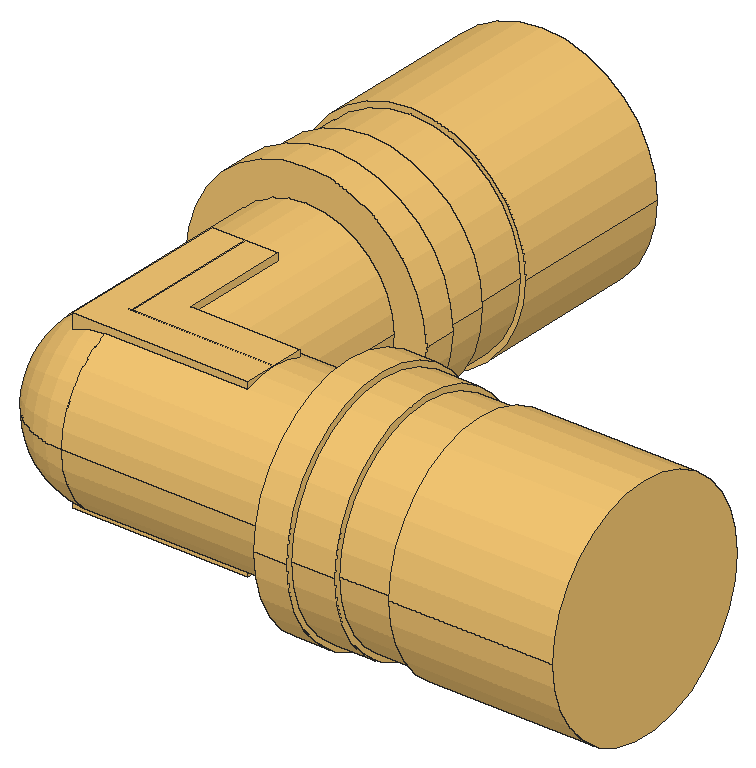
Revit family "VTm.451.BG", category Соединительные детали трубопроводов, Revit 2019
Family settings
  Размер круглого соединителя = Использовать диаметр
  Тип детали = Отвод
  На основе рабочей плоскости = Нет
  Всегда вертикально = Да
  При загрузке вырезать с полостями = Нет
  Общий = Нет
Parameters
  Таблица = "VTm.451.BG"  # constant formula
  Описание = "Фитинг аксиальный универсальный – угольник надвижной"  # constant formula
  Изготовитель = "VALTEC"  # constant formula
  Группа модели = "Аксиальные фитинги универсальные"  # constant formula
  msg [instance] = size_lookup(Таблица, "msg", 0 mm, Du1, Du2)  # 50 mm
  msf [instance] = size_lookup(Таблица, "msf", 0 mm, Du1, Du2)  # 71 mm
  h2 [instance] = size_lookup(Таблица, "h2", 0 mm, Du1, Du2)  # 13 mm
  h1 [instance] = size_lookup(Таблица, "h1", 0 mm, Du1, Du2)  # 6 mm
  g2 [instance] = dn + 1 mm  # 22 mm
  g1 [instance] = dn - 1 mm  # 20 mm
  dn [instance] = size_lookup(Таблица, "dn", 0 mm, Du1, Du2)  # 21 mm
  d [instance] = size_lookup(Таблица, "d", 0 mm, Du1, Du2)  # 16 mm
  a [instance] = size_lookup(Таблица, "a", 0 mm, Du1, Du2)  # 3 mm
  L2 [instance] = size_lookup(Таблица, "L2", 0 mm, Du1, Du2)  # 24 mm
  L1 [instance] = size_lookup(Таблица, "L1", 0 mm, Du1, Du2)  # 20 mm
  Du2 [instance] = Du1  # 16 mm
  Du1 [instance] = 16 mm
  ADSK_Обозначение [instance] = "VTm.451.BG"  # constant formula
  ADSK_Наименование [instance] = size_lookup(Таблица, "", "Данный типоразмер отсутствует", Du1, Du2)  # "Фитинг аксиальный универсальный – угольник надвижной 16 (2,2) мм x 16 (2,2) мм"
  ADSK_Материал [instance] = Латунь -CW614N
  ADSK_Масса_фитинга [instance] = msf / 1000 mm  # 0.071
  ADSK_Масса_гильзы [instance] = msg / 1000 mm  # 0.05
  ADSK_Код изделия - фитинг [instance] = size_lookup(Таблица, "Код продукта", "Данный типоразмер отсутствует", Du1, Du2)  # "VTm.451.BG.001616"
  ADSK_Код изделия - гильза [instance] = size_lookup(Таблица, "Код гильза", "Данный типоразмер отсутствует", Du1, Du2)  # "VTm.400.BG.001622-VTm.400.BG.001622"
  ADSK_Завод-изготовитель [instance] = Изготовитель  # "VALTEC"
  ADSK_Единица измерения [instance] = "шт."  # constant formula
  ADSK_URL страницы изделия [instance] = "https://valtec.ru/catalog/sistemy_metallopolimernyh_i_polimernyh_truboprovodov/aksialnye_fitingi_universalnye/fiting_aksialnyj_universalnyj_ugolnik_nadvijnoj.html"
  ADSK_URL документации изделия [instance] = "https://valtec.ru/document/technical/VTm.400.BG-0321.pdf"
Reference planes
  plane 1 "По центру (Вперед/Назад)": y = 0
  plane 2: z = 0
  plane 3 "По центру (Влево/Вправо)": x = 0
  plane 4: y = 8
  plane 5: y = -8
  plane 6: x = 20
  plane 7: y = 20
  plane 8: x = 23
  plane 9: x = 27
  plane 10: x = 32
  plane 11: x = 47
  plane 12: y = 23
  plane 13: y = 27
  plane 14: y = 32
  plane 15: y = 47
  plane 16: y = 13
  plane 17: x = 13
  plane 18: y = -3
  plane 19: y = 3
  plane 20: x = 3
  plane 21: x = -3
  plane 22: z = 8
  plane 23: z = -8
Forms (mm)
  Revolve 1, solid, material "Латунь -CW614N" <- "ADSK_Материал", detail levels fine
    sketch origin (0, 0, 0) x (1, 0, 0) y (0, 1, 0)
      loop
        arc (-8, 0) -> (-5.657, -5.657) -> (0, -8) r 8
        line (0, -8) -> (20, -8) -> (20, 0) -> (-8, 0)
      axis (20, 0) -> (-8, 0)
    angle from 0 to 360
  Extrusion 2, solid, material "Латунь -CW614N" <- "ADSK_Материал", detail levels fine
    sketch origin (0, 0, 0) x (1, 0, 0) y (0, 0, 1)
      loop
        circle (0, 0) r 8
    from -20 to 0
  Extrusion 3, solid, material "Латунь -CW614N" <- "ADSK_Материал", detail levels fine
    sketch origin (0, 0, 0) x (0, 1, 0) y (0, 0, 1)
      loop
        circle (0, 0) r 11
    from 20 to 23
  Extrusion 4, solid, material "Латунь -CW614N" <- "ADSK_Материал", detail levels fine
    sketch origin (0, 0, 0) x (0, 1, 0) y (0, 0, 1)
      loop
        circle (0, 0) r 10.5
    from 23 to 27
  Extrusion 5, solid, material "Латунь -CW614N" <- "ADSK_Материал", detail levels fine
    sketch origin (0, 0, 0) x (0, 1, 0) y (0, 0, 1)
      loop
        circle (0, 0) r 10
    from 27 to 32
  Extrusion 6, solid, material "Латунь -CW614N" <- "ADSK_Материал", detail levels fine
    sketch origin (0, 0, 0) x (0, 1, 0) y (0, 0, 1)
      loop
        circle (0, 0) r 10.5
    from 32 to 47
  Extrusion 7, solid, material "Латунь -CW614N" <- "ADSK_Материал", detail levels fine
    sketch origin (0, 0, 0) x (1, 0, 0) y (0, 0, 1)
      loop
        circle (0, 0) r 11
    from -23 to -20
  Extrusion 8, solid, material "Латунь -CW614N" <- "ADSK_Материал", detail levels fine
    sketch origin (0, 0, 0) x (1, 0, 0) y (0, 0, 1)
      loop
        circle (0, 0) r 10.5
    from -27 to -23
  Extrusion 9, solid, material "Латунь -CW614N" <- "ADSK_Материал", detail levels fine
    sketch origin (0, 0, 0) x (1, 0, 0) y (0, 0, 1)
      loop
        circle (0, 0) r 10
    from -32 to -27
  Extrusion 10, solid, material "Латунь -CW614N" <- "ADSK_Материал", detail levels fine
    sketch origin (0, 0, 0) x (1, 0, 0) y (0, 0, 1)
      loop
        circle (0, 0) r 10.5
    from -47 to -32
  Extrusion 11, solid, material "Латунь -CW614N" <- "ADSK_Материал", detail levels fine
    sketch origin (0, 0, 0) x (1, 0, 0) y (0, 1, 0)
      loop
        line (-3, 13) -> (-3, -3) -> (13, -3) -> (13, 3) -> (3, 3) -> (3, 13) -> (-3, 13)
    from -8 to 8
Dimensions and locks
  equal spacing: plane 5, plane 1 "По центру (Вперед/Назад)", plane 4
  "d": plane 5 to plane 4
  "L1": plane 3 "По центру (Влево/Вправо)" to plane 6
  "L1": plane 7 to plane 1 "По центру (Вперед/Назад)"
  "a": plane 6 to plane 8
  "L2": plane 8 to plane 11
  locked: plane 8 to plane 9 at 4
  locked: plane 9 to plane 10 at 5
  "a": plane 12 to plane 7
  locked: plane 13 to plane 12 at 4
  locked: plane 14 to plane 13 at 5
  "L2": plane 15 to plane 12
  equal spacing: plane 21, plane 3 "По центру (Влево/Вправо)", plane 20
  "h1": plane 21 to plane 20
  equal spacing: plane 19, plane 1 "По центру (Вперед/Назад)", plane 18
  "h1": plane 19 to plane 18
  "h2": plane 3 "По центру (Влево/Вправо)" to plane 17
  "h2": plane 16 to plane 1 "По центру (Вперед/Назад)"
  equal spacing: plane 22, level, plane 23
  "d": plane 22 to plane 23
  "d": diameter of Extrusion 2 sketch curve
  "g2": diameter of Extrusion 3 sketch curve
  "dn": diameter of Extrusion 4 sketch curve
  "g1": diameter of Extrusion 5 sketch curve
  "dn": diameter of Extrusion 6 sketch curve
  "g2": diameter of Extrusion 7 sketch curve
  "dn": diameter of Extrusion 8 sketch curve
  "g1": diameter of Extrusion 9 sketch curve
  "dn": diameter of Extrusion 10 sketch curve
  "d": diameter of Revolve 1 sketch curve
  aligned and locked: level to plane 2
  aligned and locked: Revolve 1 sketch curve to plane 1 "По центру (Вперед/Назад)"
  aligned and locked: plane 6 to Revolve 1 sketch curve
  aligned and locked: plane 5 to Revolve 1 sketch curve
  aligned and locked: plane 3 "По центру (Влево/Вправо)" to Extrusion 2 sketch curve
  aligned and locked: level to Extrusion 2 sketch curve
  aligned and locked: plane 1 "По центру (Вперед/Назад)" to Extrusion 2
  aligned and locked: plane 7 to Extrusion 2
  aligned and locked: plane 1 "По центру (Вперед/Назад)" to Extrusion 3 sketch curve
  aligned and locked: level to Extrusion 3 sketch curve
  aligned and locked: Extrusion 3 to plane 6
  aligned and locked: plane 8 to Extrusion 3
  aligned and locked: plane 1 "По центру (Вперед/Назад)" to Extrusion 4 sketch curve
  aligned and locked: level to Extrusion 4 sketch curve
  aligned and locked: Extrusion 4 to Extrusion 3
  aligned and locked: plane 9 to Extrusion 4
  aligned and locked: plane 1 "По центру (Вперед/Назад)" to Extrusion 5 sketch curve
  aligned and locked: level to Extrusion 5 sketch curve
  aligned and locked: Extrusion 5 to plane 9
  aligned and locked: plane 10 to Extrusion 5
  aligned and locked: plane 1 "По центру (Вперед/Назад)" to Extrusion 6 sketch curve
  aligned and locked: level to Extrusion 6 sketch curve
  aligned and locked: Extrusion 6 to plane 10
  aligned and locked: plane 11 to Extrusion 6
  aligned and locked: plane 3 "По центру (Влево/Вправо)" to Extrusion 7 sketch curve
  aligned and locked: level to Extrusion 7 sketch curve
  aligned and locked: plane 12 to Extrusion 7
  aligned and locked: Extrusion 7 to Extrusion 2
  aligned and locked: plane 3 "По центру (Влево/Вправо)" to Extrusion 8 sketch curve
  aligned and locked: level to Extrusion 8 sketch curve
  aligned and locked: plane 13 to Extrusion 8
  aligned and locked: Extrusion 8 to plane 12
  aligned and locked: plane 3 "По центру (Влево/Вправо)" to Extrusion 9 sketch curve
  aligned and locked: level to Extrusion 9 sketch curve
  aligned and locked: plane 14 to Extrusion 9
  aligned and locked: Extrusion 9 to plane 13
  aligned and locked: plane 3 "По центру (Влево/Вправо)" to Extrusion 10 sketch curve
  aligned and locked: level to Extrusion 10 sketch curve
  aligned and locked: plane 15 to Extrusion 10
  aligned and locked: Extrusion 10 to plane 14
  aligned and locked: Extrusion 11 sketch curve to plane 16
  aligned and locked: Extrusion 11 sketch curve to plane 21
  aligned and locked: Extrusion 11 sketch curve to plane 20
  aligned and locked: Extrusion 11 sketch curve to plane 19
  aligned and locked: Extrusion 11 sketch curve to plane 17
  aligned and locked: Extrusion 11 sketch curve to plane 18
  aligned and locked: plane 22 to Extrusion 11
  aligned and locked: plane 1 "По центру (Вперед/Назад)" to nested 1
  aligned and locked: plane 3 "По центру (Влево/Вправо)" to nested 1
Automatic sketch dimensions
  Revolve 1 sketch curve to plane 3 "По центру (Влево/Вправо)" = 0 mm
  Revolve 1 sketch curve to Revolve 1 sketch curve = 1994.831 mm
  plane 11 to Revolve 1 sketch curve = 1922.796 mm
Nested families
  nested 1: "условный вид_4" at (0, 0, 0), type "условный вид_4", detail levels coarse+medium
Connectors
  piping at (23, 0, 0), diameter 16, driven by "Du1"
    settings: on Extrusion 3, index 1, connector inside diameter 609.6 mm, connector length 0 mm, flow factor 0, pipe flow 0.0 L/s, pressure drop 0.0 Pa, fitting loss kfactor 0, connector angle 0.00°, fixture units 0, engagement length 0 mm, angle of deflection 0.00°, flow configuration 0, flow direction 0, fitting loss method 0, system type 7, joint type 0, gender type 0, connector reference index -1, connector utility 0, adjustable connector no, is connector primary yes, connector description ""
  piping at (0, 23, 0), diameter 16, driven by "Du2"
    settings: on Extrusion 7, index 2, connector inside diameter 609.6 mm, connector length 0 mm, flow factor 0, pipe flow 0.0 L/s, pressure drop 0.0 Pa, fitting loss kfactor 0, connector angle 0.00°, fixture units 0, engagement length 0 mm, angle of deflection 0.00°, flow configuration 0, flow direction 0, fitting loss method 0, system type 28, joint type 0, gender type 0, connector reference index -1, connector utility 0, adjustable connector no, is connector primary no, connector description ""
Definition of nested family "условный вид_4"
  Reference planes
    plane 1: y = 0
    plane 2: x = 0
  Lines and regions (mm)
    detail lines
      curve 1: line (0, 0, 0) -> (0, 25, 0)
      curve 2: line (0, 0, 0) -> (25, 0, 0)
